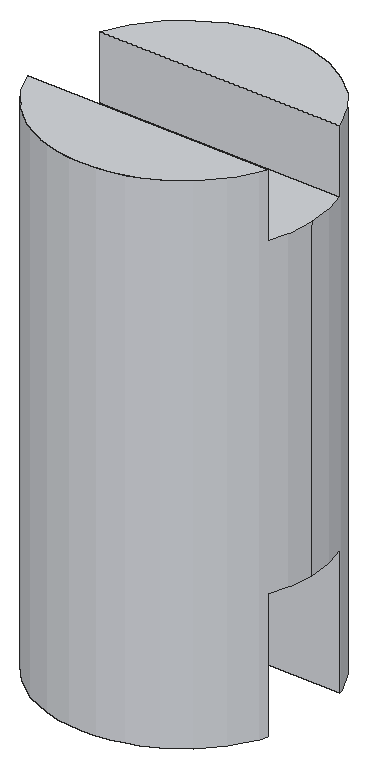
Revit family "抱头梁瓜柱", category 常规模型, Revit 2022
Family settings
  可将钢筋附着到主体 = 否
  圆形连接件大小 = 使用直径
  零件类型 = 标准
  基于工作平面 = 否
  总是垂直 = 是
  加载时剪切的空心 = 否
  保持注释方向 = 否
  共享 = 否
  房间计算点 = 否
Parameters
  默认高程 = 0 mm
  穿插枋空心拉伸长 [instance] = 100 mm
  穿插枋空心拉伸宽 [instance] = 70 mm
  抱头梁空心拉伸高 [instance] = 50 mm
  抱头梁空心拉伸长 [instance] = 70 mm
  抱头梁瓜柱高 [instance] = 397 mm
  抱头梁瓜柱直径 [instance] = 200 mm
Reference planes
  plane 1 "中心(前/后)": y = 0
  plane 2: z = 0
  plane 3 "中心(左/右)": x = 0
Forms (mm)
  Extrusion 1, solid
    sketch origin (0, 371.327, 0) x (1, 0, 0) y (0, 1, 0)
      loop
        circle (291.676, 410.709) r 100
    from 0 to 397
  Extrusion 2, void
    sketch origin (0, 0, 0) x (0, 1, 0) y (0, 0, 1)
      loop
        line (782.036, 0) -> (817.036, 0) -> (817.036, 100) -> (747.036, 100) -> (747.036, 0) -> (782.036, 0)
    from 187.017 to 402.991
  Extrusion 3, void
    sketch origin (0, 0, 0) x (0, 1, 0) y (0, 0, 1)
      loop
        line (782.036, 397) -> (747.036, 397) -> (747.036, 347) -> (817.036, 347) -> (817.036, 397) -> (782.036, 397)
    from 187.017 to 402.991
Cuts and joins
  Extrusion 2, Extrusion 3 cuts Extrusion 1
Dimensions and locks
  "抱头梁瓜柱高": Extrusion 1 to Extrusion 1
  "穿插枋空心拉伸长": Extrusion 2 sketch curve to Extrusion 2 sketch curve
  "穿插枋空心拉伸宽": Extrusion 2 sketch curve to Extrusion 2 sketch curve
  "抱头梁空心拉伸高": Extrusion 3 sketch curve to Extrusion 3 sketch curve
  "抱头梁空心拉伸长": Extrusion 3 sketch curve to Extrusion 3 sketch curve
  "抱头梁瓜柱直径": diameter of Extrusion 1 sketch curve
  aligned and locked: level to plane 2
Automatic sketch dimensions
  plane 3 "中心(左/右)" to Extrusion 1 sketch curve = 291.676 mm
  Extrusion 1 sketch curve to plane 1 "中心(前/后)" = 782.036 mm
  Extrusion 2 sketch curve to level = 0 mm
  Extrusion 2 sketch curve to plane 1 "中心(前/后)" = 747.036 mm
  Extrusion 2 sketch curve to Extrusion 2 sketch curve = 35 mm
  Extrusion 3 sketch curve to plane 1 "中心(前/后)" = 747.036 mm
  Extrusion 3 sketch curve to Extrusion 3 sketch curve = 35 mm
  level to Extrusion 3 sketch curve = 347 mm
